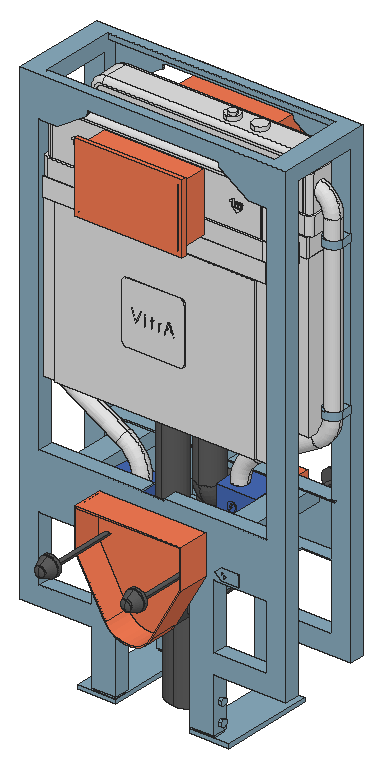
Revit family "ConcealedCistern-ForWallHungWCPans-8cm-InsideInPlasterboardWall-FloorMounting-AppliedBacktoBack-VitrA-768-5850", category Plumbing Fixtures, host Face, Revit 2017
Family settings
  Host = Face
  Round Connector Dimension = Use Diameter
  Part Type = Normal
  OmniClass Number = 23.45.00.00
  OmniClass Title = Sanitary, Laundry, and Cleaning Equipment
  Cut with Voids When Loaded = No
  Shared = Yes
  Room Calculation Point = No
Parameters (values of type "ConcealedCistern-ForWallHungWCPans-3/6lt-8cm-InsideInPlasterboardWall-FloorMounting-AppliedBackToBack-VitrA-768-5850-01")
  Youtube = "https://www.youtube.com/user/VitrAglobal"
  Weight Net (kg) = "27.2"
  Waste Connection = yes
  Warranty Period (Year) = "10 Years"
  Voltage (V) = "220V"
  Vent Connection = no
  Uniformat II Description = ""
  Uniformat II Code = ""
  Uniclass 2015 Name = "WC cisterns"
  Uniclass 2015 Code = "Pr_40_20_93_89"
  Uniclass 2.0 Description = "Wc Cisterns"
  Uniclass 2.0 Code = "PR-35-93-90"
  Uniclass 1.4 Description = ""
  Uniclass 1.4 Code = ""
  URL = "https://www.vitra.com.tr/"
  UNSPSC Description = ""
  UNSPSC Code = ""
  Third Material = Blue
  Technical description = "https://www.vitraglobal.com/pdf/748-5850-01/"
  Tap hole Options (default) = ""
  Specification = ""
  Secondary Material = White
  Region South America = "All"
  Region Oceania = "All"
  Region North America = "All"
  Region Middle East = "All"
  Region Europe = "All"
  Region Asia = "All"
  Region Antarctica = "All"
  Region Africa = "All"
  Product url = "https://www.vitraglobal.com/flushing-solutions-flush-plates/frames-cisterns/concealed-frame-systems/concealed-cistern-for-wall-hung-wc-pans-sku-748-5850-01/"
  Product manual = ""
  Product group = "Concealed Cistern for Wall-Hung WC Pans"
  Product family = "Vitra"
  Product data url = ""
  Product certification = "https://www.vitraglobal.com/brochures/"
  Product Type = "Concealed Cistern"
  Product SKU = "768-5850-01"
  Product Properties = "Concealed Cistern for Wall-Hung WC Pans Double Floor Fixation - 3/6lt - 8cm"
  Product Guid = ""
  Primary Material = Orange
  Power Source Mains = yes
  Outlet Angle = 90.00°
  OmniClass Description = "Water Closets"
  OmniClass Code = "23-31 19 19"
  Nominal Width (mm) = 570 mm
  Nominal Height (mm) = 1120 mm
  Nominal Depth (mm) = 80 mm
  NBS Referans Description = "Wc Cisterns"
  NBS Referans Code = "35-93-90"
  Mounting type = "Assembly to floor & wall"
  Model = "768-5850-01"
  Masterformat 2014 Description = ""
  Masterformat 2014 Code = ""
  Manufacturer name = "Vitra"
  Manufacturer = "Vitra"
  Installation instructions = ""
  IFC Classification = "Sanitary Terminal"
  Help = ""
  HW Connection = no
  GTIP code = ""
  Features = ""
  EAN code = ""
  Design country = "Turkey"
  Description = "VitrA Concealed Cistern for Wall-Hung WC Pans - Double Floor Fixation - 3/6Litres - 8 cm"
  Default Elevation = 1000 mm
  Color = ""
  Coating Material = Console
  Calculated flow = ""
  CW Connection = yes
  COBIe Type Category = ""
  Brand = "Vitra"
  BIMobject category = "Toilet Cisterns"
  Article No. (default) = "768-5850-01"
  Approvals = ""
  ApplicationType = ""
  Accessories (default) = ""
Reference planes
  plane 1 "Center (Front/Back)": y = 0
  plane 2: z = 0
  plane 3 "Center (Left/Right)": x = 0
  plane 4: z = 1000
  plane 5: z = 220
  plane 6: x = -285
  plane 7: x = 285
  plane 8: y = -79.884
  plane 9: y = 0.116
  plane 10: z = 1120
  plane 11: y = 20.068
  plane 12: z = 1000
  plane 13: z = 220
Forms (mm)
  Extrusion 1, solid, detail levels coarse
    sketch origin (0, 0, 0) x (1, 0, 0) y (0, 1, 0)
      loop
        line (-285, 120.02) -> (-285, -79.884) -> (285, -79.884) -> (285, 120.02) -> (-285, 120.02)
    from 0 to 1118.125
  Extrusion 2, solid, detail levels coarse
    sketch origin (0, 0, 0) x (1, 0, 0) y (0, 0, 1)
      loop
        circle (0, 220) r 65
      loop
        circle (0, 357.605) r 26.044
    from 0 to 233.75
  Extrusion 3, solid, detail levels coarse
    sketch origin (0, 0, -2.5) x (1, 0, 0) y (0, 0, 1)
      loop
        line (111.37, 1075.159) -> (-111.368, 1075.159) -> (-111.368, 932.335) -> (111.37, 932.335) -> (111.37, 1075.159)
    from 70.438 to 140.438
  Extrusion 4, solid, material "Console" <- "Coating Material", detail levels medium+fine
    sketch origin (-245, -59.884, 1117.914) x (0, 0, -1) y (0, -1, 0)
      loop
        line (-2.086, 20) -> (-2.086, 0) -> (9.914, 0) -> (9.914, 20) -> (-2.086, 20)
    from -7.791 to -482.5
  Extrusion 5, solid, material "Console" <- "Coating Material", detail levels medium+fine
    sketch origin (285, -79.884, 1116.414) x (-1, 0, 0) y (0, 0, -1)
      loop
        line (145.922, 37.886) -> (86.224, 77.726)
        arc (86.224, 77.726) -> (84.943, 78.303) -> (83.552, 78.5) r 5
        line (83.552, 78.5) -> (47.5, 78.5) -> (47.5, 8.414) -> (522.209, 8.414) -> (522.209, 78.5) -> (486.448, 78.5)
        arc (486.448, 78.5) -> (485.057, 78.303) -> (483.776, 77.726) r 5
        line (483.776, 77.726) -> (424.078, 37.886)
        arc (424.078, 37.886) -> (422.37, 36.073) -> (421.75, 33.66) r 5
        line (421.75, 33.66) -> (421.75, 29.414)
        arc (421.75, 29.414) -> (420.871, 27.293) -> (418.75, 26.414) r 3
        line (418.75, 26.414) -> (151.25, 26.414)
        arc (151.25, 26.414) -> (149.129, 27.293) -> (148.25, 29.414) r 3
        line (148.25, 29.414) -> (148.25, 33.66)
        arc (148.25, 33.66) -> (147.63, 36.073) -> (145.922, 37.886) r 5
    from 0 to -2.5
  Extrusion 6, solid, material "Console" <- "Coating Material", detail levels medium+fine
    sketch origin (245, -49.884, 1128.289) x (1, 0, 0) y (0, 0, -1)
      loop
        line (32.5, 1001) -> (-117.5, 1001) -> (-117.5, 1115.5) -> (-167.5, 1115.5) -> (-167.5, 825) -> (-117.5, 825) -> (-117.5, 961) -> (-7.5, 961) -> (-7.5, 8.289) -> (32.5, 8.289) -> (32.5, 1001)
      loop
        line (-372.5, 1001) -> (-522.5, 1001) -> (-522.5, 8.289) -> (-482.209, 8.289) -> (-482.209, 961) -> (-372.5, 961) -> (-372.5, 825) -> (-322.5, 825) -> (-322.5, 1115.5) -> (-372.5, 1115.5) -> (-372.5, 1001)
    from 0 to -30
  Extrusion 7, solid, material "Console" <- "Coating Material", detail levels medium+fine
    sketch origin (77.5, -79.884, -0.211) x (0, 0, 1) y (-1, 0, 0)
      loop
        line (0, 0) -> (0, -80) -> (8, -80) -> (8, 0) -> (0, 0)
      loop
        line (0, 235) -> (0, 155) -> (8, 155) -> (8, 235) -> (0, 235)
    from 0 to -198.778
  Extrusion 8, solid, material "Console" <- "Coating Material", detail levels medium+fine
    sketch origin (77.5, -79.884, 7.789) x (1, 0, 0) y (0, 1, 0)
      loop
        line (48.496, 27.5) -> (3.494, 27.5) -> (3.494, 2.5) -> (48.496, 2.5) -> (48.496, 27.5)
      loop
        line (-158.494, 27.5) -> (-203.496, 27.5) -> (-203.496, 2.5) -> (-158.494, 2.5) -> (-158.494, 27.5)
    from 0 to 197.625
  Extrusion 9, solid, material "Console" <- "Coating Material", detail levels medium+fine
    sketch origin (0, -47.384, 417.039) x (0, 0, 1) y (1, 0, 0)
      loop
        line (-1.25, 22.494) -> (1.25, 22.494) -> (1.25, 245) -> (-1.25, 245) -> (-1.25, 22.494)
      loop
        line (-1.25, -245) -> (1.25, -245) -> (1.25, -22.494) -> (-1.25, -22.494) -> (-1.25, -245)
    from 0 to -32.5
  Extrusion 10, solid, material "Console" <- "Coating Material", detail levels medium+fine
    sketch origin (245, -76.884, 305.789) x (0, 1, 0) y (-1, 0, 0)
      loop
        line (76.5, 170) -> (76.5, 320) -> (37, 345) -> (37, 419.5) -> (27, 419.5) -> (27, 490) -> (-0.5, 490) -> (-0.5, 0) -> (27, 0) -> (27, 70.5) -> (37, 70.5) -> (37, 145) -> (76.5, 170)
      loop
        circle (44.407, 186.048) r 15
    from 0 to -2.5
  Extrusion 11, solid, material "Console" <- "Coating Material", detail levels medium+fine
    sketch origin (285, -79.884, 1128.289) x (-1, 0, 0) y (0, 0, -1)
      loop
        line (530, 710) -> (530, 825) -> (40, 825) -> (40, 710) -> (118, 710) -> (118, 712.5) -> (158, 712.5) -> (158, 710) -> (262.506, 710) -> (262.506, 712.5) -> (307.494, 712.5) -> (307.494, 710) -> (412, 710) -> (412, 712.5) -> (452, 712.5) -> (452, 710) -> (530, 710)
    from 0 to -2.5
  Extrusion 12, solid, material "Console" <- "Coating Material", detail levels medium+fine
    sketch origin (155, -80.384, 319.789) x (1, 0, 0) y (0, 0, 1)
      loop
        line (25, -12.5) -> (25, 12.5) -> (-12, 12.5) -> (-25, 0) -> (-12, -12.5) -> (25, -12.5)
      loop
        line (-11.499, 0.1) -> (-5.9, 0.1) -> (-5.9, 5.499)
        arc (-5.9, 5.499) -> (-9.818, 3.959) -> (-11.499, 0.1) r 5.5
      loop
        line (-0.501, -0.1) -> (-6.1, -0.1) -> (-6.1, -5.499)
        arc (-6.1, -5.499) -> (-2.182, -3.959) -> (-0.501, -0.1) r 5.5
    from 0 to -2.067
  Blend 13, solid, material "Blue" <- "Third Material", detail levels medium+fine
    base sketch origin (-81.844, 5.116, 370.98) x (1, 0, 0) y (0, 0, -1)
      loop
        line (40.656, -31.187) -> (40.656, 31.187) -> (-40.656, 31.187) -> (-40.656, -31.187) -> (40.656, -31.187)
    top sketch origin (-81.844, -76.181, 370.98) x (0, 0, -1) y (1, 0, 0)
      loop
        line (-34.026, -43.495) -> (34.026, -43.495) -> (34.026, 43.495) -> (-34.026, 43.495) -> (-34.026, -43.495)
    from 0 to -1.203
  Extrusion 14, solid, material "Blue" <- "Third Material", detail levels medium+fine
    sketch origin (-72.5, 5.616, 370.789) x (-1, 0, 0) y (0, 0, 1)
      loop
        line (-0.685, 5.802) -> (-3.475, -1.366) -> (-0.731, -1.366) -> (-3.511, -7.361) -> (4.348, 1.305) -> (1.465, 1.37) -> (4.314, 5.802) -> (-0.685, 5.802)
      loop
        circle (0.206, -0.102) r 9
    from 0 to -18.98
  Extrusion 15, solid, material "Black", detail levels medium+fine
    sketch origin (0, -50.384, 297.089) x (0, 0, 1) y (1, 0, 0)
      loop
        line (42.532, 35.386) -> (20.456, 43.421) -> (6.2, 43.421) -> (6.2, -43.587) -> (20, -43.587) -> (42.532, -35.386)
        arc (42.532, -35.386) -> (53.585, -38.279) -> (65, -37.802) r 38.5
        line (65, -37.802) -> (65, -25.475)
        arc (65, -25.475) -> (31.2, 0) -> (65, 25.475) r 26.5
        line (65, 25.475) -> (65, 37.802)
        arc (65, 37.802) -> (53.585, 38.279) -> (42.532, 35.386) r 38.5
    from 3 to -8.682
  Extrusion 16, solid, material "Black", detail levels medium+fine
    sketch origin (43.502, -59.625, 305.583) x (-0.008727, 0.999962, 0) y (0, 0, 1)
      loop
        line (60.002, -30.493) -> (60.002, -2.293) -> (9.241, -2.293) -> (9.241, 11.962) -> (0.496, 11.753) -> (0.496, -36.598) -> (15.69, -36.539) -> (60.002, -30.493)
    from -1.405 to -85.712
  Extrusion 17, solid, material "Orange" <- "Primary Material", detail levels medium+fine
    sketch origin (0, -80.884, 275.563) x (0, 0, -1) y (-1, 0, 0)
      loop
        line (82.694, 48.748) -> (-28.65, 110.235) -> (-111.461, 110.235) -> (-111.461, -110.235) -> (-28.65, -110.235) -> (82.694, -48.748)
        arc (82.694, -48.748) -> (111.461, 0) -> (82.694, 48.748) r 55.687
    from 0 to -6.321
  Extrusion 18, solid, material "Orange" <- "Primary Material", detail levels medium+fine
    sketch origin (0, -144.884, 319.789) x (1, 0, 0) y (0, 0, 1)
      loop
        line (110.235, 67.235) -> (-110.235, 67.235) -> (-110.235, -15.576) -> (-48.748, -126.92)
        arc (-48.748, -126.92) -> (0, -155.687) -> (48.748, -126.92) r 55.687
        line (48.748, -126.92) -> (110.235, -15.576) -> (110.235, 67.235)
      loop
        line (-108.484, 65.484) -> (-108.484, -15.125) -> (-47.215, -126.073)
        arc (-47.215, -126.073) -> (0, -153.936) -> (47.215, -126.073) r 53.936
        line (47.215, -126.073) -> (108.484, -15.125) -> (108.484, 65.484) -> (-108.484, 65.484)
    from 0 to -57.679
  Sweep 19, solid, material "White" <- "Secondary Material", detail levels medium+fine
    path origin (5.564, -147.11, 314.043) x (1, 0, 0) y (0, 0, 1)
      loop
        line (-70.717, 73.648) -> (-70.717, 88.48)
        arc (-70.717, 88.48) -> (-80.765, 125.98) -> (-108.217, 153.432) r 75
        line (-108.217, 153.432) -> (-234.241, 226.191)
        arc (-234.241, 226.191) -> (-256.202, 248.153) -> (-264.241, 278.153) r 60
        line (-264.241, 278.153) -> (-264.241, 652.91)
        arc (-264.241, 652.91) -> (-255.876, 679.042) -> (-233.892, 695.459) r 45
        line (-233.892, 695.459) -> (-190.52, 710.393)
    profile origin (-258.677, -147.11, 779.575) x (-1, 0, 0) y (0, -1, 0)
      loop
        circle (0, -120.458) r 16
  Extrusion 20, solid, material "Orange" <- "Primary Material", detail levels medium+fine
    sketch origin (-0.502, -143.508, 1000.12) x (-1, 0, 0) y (0, 0, -1)
      loop
        line (-112.356, -73.55) -> (112.356, -73.55) -> (112.356, 71.464) -> (-112.356, 71.464) -> (-112.356, -73.55)
    from 0 to -9.7
  Extrusion 21, solid, material "Orange" <- "Primary Material", detail levels medium+fine
    sketch origin (-0.502, -143.508, 1000.12) x (-1, 0, 0) y (0, 0, -1)
      loop
        line (-103.117, -61.799) -> (103.02, -61.799) -> (103.02, 62.038) -> (-103.117, 62.038) -> (-103.117, -61.799)
    from 0 to -68.162
  Extrusion 22, solid, material "Black", detail levels medium+fine
    sketch origin (51.92, -39.187, -285.288) x (1, 0, 0) y (0, 0, 1)
      loop
        circle (-141.764, 603.413) r 4.2
      loop
        circle (38.236, 603.413) r 4.2
    from 210.918 to -119.208
  Revolve 23, solid, material "Black", detail levels medium+fine
    sketch origin (89.974, -10, 9.375) x (0, 1, 0) y (0, 0, 1)
      loop
        line (-223.489, 292.259) -> (-223.489, 313.259) -> (-255.489, 313.259)
        arc (-255.489, 313.259) -> (-254.814, 307.893) -> (-252.831, 302.861) r 21.667
        arc (-252.831, 302.861) -> (-252.43, 302.349) -> (-251.886, 301.992) r 2
        line (-251.886, 301.992) -> (-231.965, 293.176)
        arc (-231.965, 293.176) -> (-230.967, 292.836) -> (-229.924, 292.675) r 6
        line (-229.924, 292.675) -> (-223.489, 292.259)
      axis (-255.489, 313.259) -> (-223.489, 313.259)
    angle from 0 to 360
  Revolve 24, solid, material "Black", detail levels medium+fine
    sketch origin (-90.026, -10, 9.375) x (0, 1, 0) y (0, 0, 1)
      loop
        line (-223.489, 292.259) -> (-223.489, 313.259) -> (-255.489, 313.259)
        arc (-255.489, 313.259) -> (-254.814, 307.893) -> (-252.831, 302.861) r 21.667
        arc (-252.831, 302.861) -> (-252.43, 302.349) -> (-251.886, 301.992) r 2
        line (-251.886, 301.992) -> (-231.965, 293.176)
        arc (-231.965, 293.176) -> (-230.967, 292.836) -> (-229.924, 292.675) r 6
        line (-229.924, 292.675) -> (-223.489, 292.259)
      axis (-255.489, 313.259) -> (-223.489, 313.259)
    angle from 0 to 360
  Extrusion 25, solid, material "Black", detail levels medium+fine
    sketch origin (-30, -57.258, 290.503) x (1, 0, 0) y (0, 0, 1)
      loop
        line (0.072, 12.786) -> (0.072, -5.846)
        arc (0.072, -5.846) -> (-25.549, -37.091) -> (-35.991, -76.124) r 95.7
        arc (-35.991, -76.124) -> (-29.358, -83.436) -> (-22.047, -76.804) r 6.98
        arc (-22.047, -76.804) -> (26.652, -17.687) -> (82.521, -70.079) r 52.5
        arc (82.521, -70.079) -> (82.422, -73.296) -> (82.127, -76.502) r 52.5
        arc (82.127, -76.502) -> (89.278, -84.37) -> (95.991, -76.125) r 7.013
        arc (95.991, -76.125) -> (85.59, -37.173) -> (60.072, -5.96) r 95.7
        line (60.072, -5.96) -> (60.072, 12.787) -> (0.072, 12.786)
    from 0 to -14
  Sweep 26, solid, material "Black", detail levels medium+fine
    path origin (0, 890, -0.781) x (0, 1, 0) y (0, 0, 1)
      loop
        line (-965.346, 355.636) -> (-947.846, 355.636)
        arc (-947.846, 355.636) -> (-926.633, 364.422) -> (-917.846, 385.636) r 30
        line (-917.846, 385.636) -> (-917.846, 560.636)
    profile origin (0, -66.596, 354.854) x (0, 0, 1) y (1, 0, 0)
      loop
        circle (0, 0) r 28
  Extrusion 27, solid, material "Black", detail levels medium+fine
    sketch origin (0.021, -75.758, 220.424) x (1, 0, 0) y (0, 0, 1)
      loop
        circle (-0.021, -0.393) r 52.806
    from 0 to -49.874
  Sweep 28, solid, material "Black", detail levels medium+fine
    path origin (0, 20, 220) x (0, 0, -1) y (0, -1, 0)
      loop
        line (0, 67.384) -> (0, 48)
        arc (0, 48) -> (14.059, 14.059) -> (48, 0) r 48
        line (48, 0) -> (220, 0)
    profile origin (0, -37.692, 220) x (0, 0, -1) y (-1, 0, 0)
      loop
        circle (-0.045, 0) r 46
  Extrusion 29, void
    sketch origin (0, 0, 1118.125) x (1, 0, 0) y (0, 1, 0)
      loop
        line (-285, 120.02) -> (-285, -79.884) -> (285, -79.884) -> (285, 120.02) -> (-285, 120.02)
    from 0 to -1118.125
  Sweep 30, solid, material "White" <- "Secondary Material", detail levels medium+fine
    path origin (0.078, -69.617, 967.832) x (0, 0, 1) y (-1, 0, 0)
      loop
        line (0.104, 221.304) -> (75.314, 221.304)
        arc (75.314, 221.304) -> (89.456, 215.446) -> (95.314, 201.304) r 20
        line (95.314, 201.304) -> (95.314, -201.304)
        arc (95.314, -201.304) -> (89.456, -215.446) -> (75.314, -221.304) r 20
        line (75.314, -221.304) -> (0.104, -221.304)
    profile origin (221.382, -69.617, 1005.541) x (0, -1, 0) y (1, 0, 0)
      loop
        arc (-58.41, 10.038) -> (-65.508, 7.098) -> (-68.448, 0) r 10.038
        line (-68.448, 0) -> (-68.448, -5) -> (-0.155, -5) -> (-0.155, 0)
        arc (-0.155, 0) -> (-3.095, 7.098) -> (-10.194, 10.038) r 10.038
        line (-10.194, 10.038) -> (-58.41, 10.038)
  Extrusion 31, solid, material "White" <- "Secondary Material", detail levels medium+fine
    sketch origin (0.078, -69.617, 967.832) x (0, 0, 1) y (-1, 0, 0)
      loop
        arc (90.314, 201.304) -> (85.921, 211.911) -> (75.314, 216.304) r 15
        line (75.314, 216.304) -> (0.104, 216.304) -> (0.104, -216.304) -> (75.314, -216.304)
        arc (75.314, -216.304) -> (85.921, -211.911) -> (90.314, -201.304) r 15
        line (90.314, -201.304) -> (90.314, 201.304)
    from 0 to -68.604
  Extrusion 32, solid, material "White" <- "Secondary Material", detail levels medium+fine
    sketch origin (-0.082, -34.765, 967.936) x (-1, 0, 0) y (0, -1, 0)
      loop
        line (224.386, 39.814) -> (-224.386, 39.814)
        arc (-224.386, 39.814) -> (-232.871, 36.3) -> (-236.386, 27.814) r 12
        line (-236.386, 27.814) -> (-236.386, -27.814)
        arc (-236.386, -27.814) -> (-232.871, -36.3) -> (-224.386, -39.814) r 12
        line (-224.386, -39.814) -> (224.386, -39.814)
        arc (224.386, -39.814) -> (232.871, -36.3) -> (236.386, -27.814) r 12
        line (236.386, -27.814) -> (236.386, 27.814)
        arc (236.386, 27.814) -> (232.871, 36.3) -> (224.386, 39.814) r 12
    from 0 to -37.788
  Extrusion 33, solid, material "White" <- "Secondary Material", detail levels medium+fine
    sketch origin (0.744, -34.162, 929.933) x (-1, 0, 0) y (0, -0.999986, 0.005236)
      loop
        line (231.958, 42.964) -> (-231.958, 42.964) -> (-231.958, 39.374) -> (-231.958, -38.519) -> (-231.958, -42.964) -> (231.958, -42.964) -> (231.958, -38.519) -> (231.958, 39.374) -> (231.958, 42.964)
    from 1.73 to -37.465
  Extrusion 34, solid, material "White" <- "Secondary Material", detail levels medium+fine
    sketch origin (-43.272, -34.067, 1080.436) x (0, 1, 0) y (-1, 0, 0)
      loop
        circle (-0.783, 56.644) r 15
      loop
        circle (0.254, 0.122) r 15
    from 0 to -7.29
  Extrusion 35, solid, material "White" <- "Secondary Material", detail levels medium+fine
    sketch origin (0.126, -34.514, 556.25) x (1, 0, 0) y (0, -1, 0)
      loop
        line (233.35, -38.805) -> (233.35, 40.575) -> (209.689, 40.575) -> (209.689, 42.637) -> (-207.849, 42.637) -> (-207.849, 39.088) -> (-233.35, 39.088) -> (-233.35, -38.805) -> (-207.849, -38.805) -> (-207.849, -42.405) -> (209.689, -42.405) -> (209.689, -38.805) -> (233.35, -38.805)
    from 0 to -335.272
  Extrusion 36, solid, material "White" <- "Secondary Material", detail levels medium+fine
    sketch origin (-43.272, -33.676, 1084.875) x (-1, 0, 0) y (0, -1, 0)
      loop
        circle (0.408, -0.319) r 8.702
    from 0 to -10.022
  Extrusion 37, solid, material "White" <- "Secondary Material", detail levels medium+fine
    sketch origin (-207.802, -78.367, 613.109) x (1, 0, 0) y (0, 0, 1)
      loop
        line (272.802, 71.7) -> (272.802, 181.7)
        arc (272.802, 181.7) -> (269.873, 188.771) -> (262.802, 191.7) r 10
        line (262.802, 191.7) -> (152.802, 191.7)
        arc (152.802, 191.7) -> (145.731, 188.771) -> (142.802, 181.7) r 10
        line (142.802, 181.7) -> (142.802, 71.7)
        arc (142.802, 71.7) -> (145.731, 64.629) -> (152.802, 61.7) r 10
        line (152.802, 61.7) -> (262.802, 61.7)
        arc (262.802, 61.7) -> (269.873, 64.629) -> (272.802, 71.7) r 10
      loop
        spline (193.105, 129.771) -> (192.875, 129.922) -> (192.629, 130.046) -> (192.37, 130.139) -> (192.102, 130.201) -> (191.83, 130.235) -> (191.556, 130.246) -> (191.281, 130.237) -> (191.009, 130.203) -> (190.741, 130.141) -> (190.483, 130.047) -> (190.236, 129.924) -> (190.004, 129.777)
        line (190.004, 129.777) -> (190.09, 128.063) -> (190.632, 114.309)
        spline (190.632, 114.309) -> (190.76, 114.191) -> (190.902, 114.089) -> (191.053, 114.002) -> (191.214, 113.935) -> (191.385, 113.892) -> (191.56, 113.875) -> (191.735, 113.886) -> (191.905, 113.926) -> (192.068, 113.993) -> (192.22, 114.083) -> (192.362, 114.19) -> (192.491, 114.309)
        line (192.491, 114.309) -> (193.035, 128.063) -> (193.105, 129.771)
      loop
        spline (207.158, 130.937) -> (207.139, 131.436) -> (207.129, 131.935) -> (207.126, 132.434) -> (207.128, 132.933) -> (207.133, 133.433) -> (207.14, 133.932) -> (207.146, 134.432) -> (207.15, 134.931) -> (207.152, 135.43) -> (207.155, 135.929) -> (207.158, 136.429) -> (207.161, 136.928)
        spline (207.161, 136.928) -> (206.941, 137.074) -> (206.711, 137.204) -> (206.467, 137.306) -> (206.212, 137.374) -> (205.95, 137.409) -> (205.686, 137.419) -> (205.422, 137.41) -> (205.16, 137.377) -> (204.903, 137.315) -> (204.657, 137.218) -> (204.424, 137.093) -> (204.201, 136.952)
        line (204.201, 136.952) -> (204.318, 129.918)
        spline (204.318, 129.918) -> (204.189, 129.861) -> (204.067, 129.788) -> (203.955, 129.699) -> (203.853, 129.597) -> (203.765, 129.483) -> (203.693, 129.358) -> (203.639, 129.225) -> (203.602, 129.086) -> (203.583, 128.943) -> (203.582, 128.8) -> (203.598, 128.658) -> (203.632, 128.522)
        spline (203.632, 128.522) -> (203.731, 128.257) -> (203.826, 127.991) -> (203.916, 127.723) -> (204.001, 127.453) -> (204.079, 127.181) -> (204.151, 126.907) -> (204.216, 126.631) -> (204.274, 126.353) -> (204.324, 126.074) -> (204.366, 125.794) -> (204.4, 125.513) -> (204.425, 125.232)
        line (204.425, 125.232) -> (204.785, 114.238)
        spline (204.785, 114.238) -> (204.907, 114.126) -> (205.043, 114.028) -> (205.187, 113.945) -> (205.342, 113.881) -> (205.505, 113.84) -> (205.672, 113.823) -> (205.84, 113.834) -> (206.003, 113.872) -> (206.158, 113.937) -> (206.304, 114.022) -> (206.439, 114.124) -> (206.563, 114.238)
        line (206.563, 114.238) -> (207.005, 123.269)
        spline (207.005, 123.269) -> (207.033, 123.562) -> (207.066, 123.854) -> (207.105, 124.146) -> (207.149, 124.438) -> (207.2, 124.73) -> (207.258, 125.02) -> (207.324, 125.309) -> (207.398, 125.595) -> (207.483, 125.877) -> (207.578, 126.156) -> (207.684, 126.431) -> (207.802, 126.7)
        spline (207.802, 126.7) -> (208.011, 127.108) -> (208.245, 127.505) -> (208.503, 127.888) -> (208.783, 128.256) -> (209.085, 128.606) -> (209.407, 128.937) -> (209.747, 129.248) -> (210.104, 129.535) -> (210.473, 129.805) -> (210.849, 130.066) -> (211.227, 130.325) -> (211.6, 130.589)
        spline (211.6, 130.589) -> (211.777, 130.756) -> (211.912, 130.962) -> (211.997, 131.194) -> (212.027, 131.437) -> (212, 131.68) -> (211.918, 131.912) -> (211.785, 132.122) -> (211.606, 132.29) -> (211.39, 132.399) -> (211.148, 132.44) -> (210.899, 132.421) -> (210.663, 132.352)
        line (210.663, 132.352) -> (207.158, 130.937)
      loop
        spline (220.823, 130.116) -> (220.578, 129.993) -> (220.343, 129.85) -> (220.124, 129.685) -> (219.926, 129.497) -> (219.752, 129.285) -> (219.605, 129.055) -> (219.485, 128.809) -> (219.396, 128.55) -> (219.344, 128.282) -> (219.32, 128.01) -> (219.316, 127.736) -> (219.321, 127.462)
        line (219.321, 127.462) -> (219.691, 114.31)
        spline (219.691, 114.31) -> (219.818, 114.192) -> (219.96, 114.089) -> (220.111, 114.002) -> (220.272, 113.935) -> (220.443, 113.892) -> (220.619, 113.876) -> (220.794, 113.887) -> (220.964, 113.928) -> (221.126, 113.996) -> (221.278, 114.086) -> (221.42, 114.194) -> (221.549, 114.313)
        line (221.549, 114.313) -> (221.874, 123.875)
        spline (221.874, 123.875) -> (221.895, 124.125) -> (221.923, 124.374) -> (221.957, 124.623) -> (221.998, 124.871) -> (222.045, 125.119) -> (222.098, 125.365) -> (222.158, 125.609) -> (222.225, 125.852) -> (222.299, 126.092) -> (222.381, 126.33) -> (222.47, 126.565) -> (222.567, 126.796)
        spline (222.567, 126.796) -> (222.749, 127.169) -> (222.951, 127.535) -> (223.174, 127.89) -> (223.418, 128.231) -> (223.682, 128.556) -> (223.965, 128.861) -> (224.269, 129.144) -> (224.592, 129.402) -> (224.93, 129.64) -> (225.277, 129.865) -> (225.627, 130.087) -> (225.972, 130.316)
        spline (225.972, 130.316) -> (226.134, 130.455) -> (226.266, 130.627) -> (226.353, 130.822) -> (226.381, 131.031) -> (226.351, 131.242) -> (226.272, 131.443) -> (226.153, 131.622) -> (226.001, 131.77) -> (225.818, 131.879) -> (225.612, 131.941) -> (225.396, 131.95) -> (225.19, 131.901)
        line (225.19, 131.901) -> (220.823, 130.116)
      loop
        spline (239.475, 125.53) -> (239.288, 125.481) -> (239.117, 125.381) -> (238.977, 125.24) -> (238.879, 125.071) -> (238.827, 124.882) -> (238.823, 124.686) -> (238.869, 124.493) -> (238.962, 124.321) -> (239.099, 124.185) -> (239.269, 124.089) -> (239.459, 124.028) -> (239.654, 124)
        line (239.654, 124) -> (245.591, 123.657)
        spline (245.591, 123.657) -> (245.768, 123.636) -> (245.945, 123.604) -> (246.12, 123.559) -> (246.289, 123.499) -> (246.45, 123.424) -> (246.601, 123.331) -> (246.738, 123.219) -> (246.862, 123.09) -> (246.972, 122.948) -> (247.069, 122.795) -> (247.152, 122.635) -> (247.221, 122.471)
        spline (247.221, 122.471) -> (247.502, 121.747) -> (247.782, 121.023) -> (248.063, 120.298) -> (248.342, 119.574) -> (248.62, 118.849) -> (248.896, 118.123) -> (249.17, 117.396) -> (249.441, 116.668) -> (249.707, 115.939) -> (249.97, 115.208) -> (250.227, 114.475) -> (250.479, 113.741)
        spline (250.479, 113.741) -> (250.52, 113.684) -> (250.578, 113.641) -> (250.646, 113.609) -> (250.722, 113.584) -> (250.798, 113.562) -> (250.873, 113.542) -> (250.947, 113.524) -> (251.019, 113.511) -> (251.091, 113.502) -> (251.162, 113.499) -> (251.233, 113.504) -> (251.303, 113.518)
        spline (251.303, 113.518) -> (251.366, 113.539) -> (251.425, 113.568) -> (251.48, 113.605) -> (251.532, 113.648) -> (251.581, 113.697) -> (251.629, 113.749) -> (251.675, 113.804) -> (251.721, 113.86) -> (251.764, 113.917) -> (251.8, 113.976) -> (251.825, 114.037) -> (251.835, 114.102)
        spline (251.835, 114.102) -> (251.277, 116.1) -> (250.658, 118.08) -> (250.018, 120.054) -> (249.375, 122.027) -> (248.73, 123.998) -> (248.08, 125.967) -> (247.421, 127.934) -> (246.755, 129.898) -> (246.083, 131.861) -> (245.401, 133.82) -> (244.701, 135.772) -> (243.959, 137.71)
        spline (243.959, 137.71) -> (243.709, 138.129) -> (243.382, 138.498) -> (242.993, 138.798) -> (242.553, 139.015) -> (242.081, 139.145) -> (241.592, 139.187) -> (241.104, 139.142) -> (240.632, 139.009) -> (240.193, 138.792) -> (239.802, 138.492) -> (239.473, 138.126) -> (239.218, 137.711)
        spline (239.218, 137.711) -> (238.472, 135.773) -> (237.775, 133.818) -> (237.096, 131.856) -> (236.428, 129.889) -> (235.765, 127.922) -> (235.106, 125.953) -> (234.451, 123.983) -> (233.801, 122.011) -> (233.152, 120.039) -> (232.506, 118.066) -> (231.866, 116.09) -> (231.246, 114.109)
        spline (231.246, 114.109) -> (231.256, 114.045) -> (231.282, 113.984) -> (231.32, 113.927) -> (231.365, 113.872) -> (231.411, 113.817) -> (231.458, 113.763) -> (231.505, 113.711) -> (231.553, 113.662) -> (231.604, 113.619) -> (231.657, 113.581) -> (231.715, 113.551) -> (231.777, 113.529)
        spline (231.777, 113.529) -> (231.852, 113.514) -> (231.929, 113.505) -> (232.006, 113.503) -> (232.083, 113.509) -> (232.16, 113.522) -> (232.236, 113.541) -> (232.311, 113.565) -> (232.384, 113.595) -> (232.456, 113.629) -> (232.525, 113.667) -> (232.592, 113.708) -> (232.656, 113.752)
        spline (232.656, 113.752) -> (233.246, 115.47) -> (233.855, 117.182) -> (234.48, 118.888) -> (235.12, 120.588) -> (235.772, 122.285) -> (236.434, 123.977) -> (237.104, 125.666) -> (237.784, 127.351) -> (238.472, 129.033) -> (239.171, 130.71) -> (239.88, 132.382) -> (240.601, 134.05)
        spline (240.601, 134.05) -> (240.717, 134.262) -> (240.858, 134.478) -> (241.02, 134.679) -> (241.197, 134.846) -> (241.385, 134.96) -> (241.579, 135.001) -> (241.772, 134.958) -> (241.96, 134.844) -> (242.139, 134.677) -> (242.302, 134.477) -> (242.445, 134.261) -> (242.562, 134.05)
        line (242.562, 134.05) -> (245.499, 127.026)
        spline (245.499, 127.026) -> (245.534, 126.918) -> (245.569, 126.809) -> (245.603, 126.7) -> (245.636, 126.589) -> (245.668, 126.476) -> (245.686, 126.361) -> (245.677, 126.248) -> (245.63, 126.14) -> (245.551, 126.056) -> (245.449, 126.008) -> (245.333, 125.986) -> (245.215, 125.977)
        line (245.215, 125.977) -> (239.475, 125.53)
      loop
        circle (191.559, 134.895) r 1.5
      loop
        line (182.116, 138.752) -> (174.347, 118.843)
        arc (174.347, 118.843) -> (173.288, 118.119) -> (172.228, 118.843) r 1.137
        line (172.228, 118.843) -> (164.46, 138.752)
        arc (164.46, 138.752) -> (163.536, 139.183) -> (163.062, 138.28) r 0.739
        line (163.062, 138.28) -> (170.777, 115.402)
        arc (170.777, 115.402) -> (173.288, 113.6) -> (175.798, 115.402) r 2.649
        line (175.798, 115.402) -> (183.514, 138.28)
        arc (183.514, 138.28) -> (183.04, 139.183) -> (182.116, 138.752) r 0.739
    from -3.684 to 1.041
  Extrusion 38, solid, material "White" <- "Secondary Material", detail levels medium+fine
    sketch origin (-0.625, -71.492, -4.493) x (1, 0, 0) y (0, 0, 1)
      loop
        line (160.157, 1028.393) -> (159.049, 1028.393)
        spline (159.049, 1028.393) -> (158.969, 1028.24) -> (158.88, 1028.087) -> (158.782, 1027.933) -> (158.676, 1027.778) -> (158.562, 1027.623) -> (158.439, 1027.468) -> (158.308, 1027.312) -> (158.168, 1027.155) -> (158.019, 1026.998) -> (157.862, 1026.839) -> (157.696, 1026.681) -> (157.521, 1026.521)
        spline (157.521, 1026.521) -> (157.338, 1026.361) -> (157.149, 1026.205) -> (156.955, 1026.054) -> (156.757, 1025.906) -> (156.554, 1025.763) -> (156.347, 1025.625) -> (156.134, 1025.49) -> (155.917, 1025.36) -> (155.695, 1025.233) -> (155.468, 1025.111) -> (155.236, 1024.993) -> (155, 1024.879)
        line (155, 1024.879) -> (155, 1023.217)
        spline (155, 1023.217) -> (155.135, 1023.267) -> (155.273, 1023.321) -> (155.414, 1023.38) -> (155.557, 1023.443) -> (155.703, 1023.51) -> (155.853, 1023.582) -> (156.005, 1023.658) -> (156.159, 1023.738) -> (156.317, 1023.822) -> (156.477, 1023.911) -> (156.641, 1024.004) -> (156.807, 1024.102)
        spline (156.807, 1024.102) -> (156.971, 1024.2) -> (157.13, 1024.299) -> (157.284, 1024.397) -> (157.433, 1024.496) -> (157.576, 1024.595) -> (157.715, 1024.693) -> (157.848, 1024.792) -> (157.976, 1024.891) -> (158.1, 1024.99) -> (158.217, 1025.089) -> (158.33, 1025.189) -> (158.438, 1025.289)
        line (158.438, 1025.289) -> (158.438, 1014.336) -> (160.157, 1014.336) -> (160.157, 1028.393)
      loop
        line (159.806, 1012.565) -> (168.75, 1005.41) -> (177.694, 1012.565) -> (159.806, 1012.565)
    from 0 to -5
  Extrusion 39, solid, material "White" <- "Secondary Material", detail levels medium+fine
    sketch origin (-0.625, 178.508, -4.493) x (1, 0, 0) y (0, 0, 1)
      loop
        arc (172.782, 1021.074) -> (175.115, 1023.225) -> (177.07, 1020.724) r 2.158
        line (177.07, 1020.724) -> (177.07, 1014.336) -> (178.779, 1014.336) -> (178.779, 1021.19)
        arc (178.779, 1021.19) -> (178.77, 1022.149) -> (178.456, 1023.055) r 2.96
        arc (178.456, 1023.055) -> (175.447, 1024.845) -> (172.438, 1023.055) r 3.423
        arc (172.438, 1023.055) -> (169.506, 1024.733) -> (166.574, 1023.055) r 3.4
        line (166.574, 1023.055) -> (166.574, 1024.478) -> (165.037, 1024.478) -> (165.037, 1014.336) -> (166.756, 1014.336) -> (166.756, 1021.058)
        arc (166.756, 1021.058) -> (168.978, 1023.212) -> (171.063, 1020.925) r 2.156
        line (171.063, 1020.925) -> (171.063, 1014.336) -> (172.782, 1014.336) -> (172.782, 1021.074)
    from 247.805 to 250
  Extrusion 40, solid, material "Console" <- "Coating Material", detail levels medium+fine
    sketch origin (-258.363, -39.192, 928.594) x (1, 0, 0) y (0, 1, 0)
      loop
        line (-19.392, -10.698) -> (19.392, -10.698) -> (19.392, 12.12)
        arc (19.392, 12.12) -> (0, 31.512) -> (-19.392, 12.12) r 19.392
        line (-19.392, 12.12) -> (-19.392, -10.698)
      loop
        circle (0, 12.12) r 16.482
    from 0 to -14.948
  Extrusion 41, solid, material "Console" <- "Coating Material", detail levels medium+fine
    sketch origin (-258.363, -39.223, 608.127) x (1, 0, 0) y (0, 1, 0)
      loop
        line (-19.392, -10.698) -> (19.392, -10.698) -> (19.392, 12.12)
        arc (19.392, 12.12) -> (0, 31.512) -> (-19.392, 12.12) r 19.392
        line (-19.392, 12.12) -> (-19.392, -10.698)
      loop
        circle (0, 12.12) r 16.482
    from 0 to -14.948
  Extrusion 42, solid, material "Console" <- "Coating Material", detail levels medium+fine
    sketch origin (-245, 100.02, 1117.914) x (0, 0, -1) y (0, -1, 0)
      loop
        line (-2.086, -20) -> (9.914, -20) -> (9.914, 0) -> (-2.086, 0) -> (-2.086, -20)
    from -7.791 to -482.5
  Extrusion 43, solid, material "Console" <- "Coating Material", detail levels medium+fine
    sketch origin (285, 120.02, 1116.414) x (-1, 0, 0) y (0, 0, 1)
      loop
        arc (145.922, -37.886) -> (147.63, -36.073) -> (148.25, -33.66) r 5
        line (148.25, -33.66) -> (148.25, -29.414)
        arc (148.25, -29.414) -> (149.129, -27.293) -> (151.25, -26.414) r 3
        line (151.25, -26.414) -> (418.75, -26.414)
        arc (418.75, -26.414) -> (420.871, -27.293) -> (421.75, -29.414) r 3
        line (421.75, -29.414) -> (421.75, -33.66)
        arc (421.75, -33.66) -> (422.37, -36.073) -> (424.078, -37.886) r 5
        line (424.078, -37.886) -> (483.776, -77.726)
        arc (483.776, -77.726) -> (485.057, -78.303) -> (486.448, -78.5) r 5
        line (486.448, -78.5) -> (522.209, -78.5) -> (522.209, -8.414) -> (47.5, -8.414) -> (47.5, -78.5) -> (83.552, -78.5)
        arc (83.552, -78.5) -> (84.943, -78.303) -> (86.224, -77.726) r 5
        line (86.224, -77.726) -> (145.922, -37.886)
    from 0 to -2.5
  Extrusion 44, solid, material "Console" <- "Coating Material", detail levels medium+fine
    sketch origin (245, 90.02, 1128.289) x (1, 0, 0) y (0, 0, 1)
      loop
        line (32.5, -1001) -> (32.5, -8.289) -> (-7.5, -8.289) -> (-7.5, -961) -> (-117.5, -961) -> (-117.5, -825) -> (-167.5, -825) -> (-167.5, -1115.5) -> (-117.5, -1115.5) -> (-117.5, -1001) -> (32.5, -1001)
      loop
        line (-372.5, -1001) -> (-372.5, -1115.5) -> (-322.5, -1115.5) -> (-322.5, -825) -> (-372.5, -825) -> (-372.5, -961) -> (-482.209, -961) -> (-482.209, -8.289) -> (-522.5, -8.289) -> (-522.5, -1001) -> (-372.5, -1001)
    from 0 to -30
  Extrusion 45, solid, material "Console" <- "Coating Material", detail levels medium+fine
    sketch origin (77.5, 120.02, 7.789) x (1, 0, 0) y (0, 1, 0)
      loop
        line (48.496, -27.5) -> (48.496, -2.5) -> (3.494, -2.5) -> (3.494, -27.5) -> (48.496, -27.5)
      loop
        line (-158.494, -27.5) -> (-158.494, -2.5) -> (-203.496, -2.5) -> (-203.496, -27.5) -> (-158.494, -27.5)
    from 0 to 197.625
  Extrusion 46, solid, material "Console" <- "Coating Material", detail levels medium+fine
    sketch origin (0, 87.52, 417.039) x (0, 0, 1) y (-1, 0, 0)
      loop
        line (-1.25, -22.494) -> (-1.25, -245) -> (1.25, -245) -> (1.25, -22.494) -> (-1.25, -22.494)
      loop
        line (-1.25, 245) -> (-1.25, 22.494) -> (1.25, 22.494) -> (1.25, 245) -> (-1.25, 245)
    from 0 to -32.5
  Extrusion 47, solid, material "Console" <- "Coating Material", detail levels medium+fine
    sketch origin (285, 120.02, 1128.289) x (-1, 0, 0) y (0, 0, 1)
      loop
        line (530, -710) -> (452, -710) -> (452, -712.5) -> (412, -712.5) -> (412, -710) -> (307.494, -710) -> (307.494, -712.5) -> (262.506, -712.5) -> (262.506, -710) -> (158, -710) -> (158, -712.5) -> (118, -712.5) -> (118, -710) -> (40, -710) -> (40, -825) -> (530, -825) -> (530, -710)
    from 0 to -2.5
  Extrusion 48, solid, material "Console" <- "Coating Material", detail levels medium+fine
    sketch origin (155, 120.52, 319.789) x (1, 0, 0) y (0, 0, -1)
      loop
        line (25, 12.5) -> (-12, 12.5) -> (-25, 0) -> (-12, -12.5) -> (25, -12.5) -> (25, 12.5)
      loop
        arc (-11.499, -0.1) -> (-9.818, -3.959) -> (-5.9, -5.499) r 5.5
        line (-5.9, -5.499) -> (-5.9, -0.1) -> (-11.499, -0.1)
      loop
        arc (-0.501, 0.1) -> (-2.182, 3.959) -> (-6.1, 5.499) r 5.5
        line (-6.1, 5.499) -> (-6.1, 0.1) -> (-0.501, 0.1)
    from 0 to -2.067
  Extrusion 49, solid, material "Black", detail levels medium+fine
    sketch origin (0, 90.52, 297.089) x (0, 0, 1) y (-1, 0, 0)
      loop
        arc (42.532, -35.386) -> (53.585, -38.279) -> (65, -37.802) r 38.5
        line (65, -37.802) -> (65, -25.475)
        arc (65, -25.475) -> (31.2, 0) -> (65, 25.475) r 26.5
        line (65, 25.475) -> (65, 37.802)
        arc (65, 37.802) -> (53.585, 38.279) -> (42.532, 35.386) r 38.5
        line (42.532, 35.386) -> (20, 43.587) -> (6.2, 43.587) -> (6.2, -43.421) -> (20.456, -43.421) -> (42.532, -35.386)
    from 3 to -8.682
  Extrusion 50, solid, material "Black", detail levels medium+fine
    sketch origin (43.502, 99.761, 305.583) x (-0.008727, -0.999962, 0) y (0, 0, -1)
      loop
        line (60.002, 30.493) -> (15.69, 36.539) -> (0.496, 36.598) -> (0.496, -11.753) -> (9.241, -11.962) -> (9.241, 2.293) -> (60.002, 2.293) -> (60.002, 30.493)
    from -1.405 to -85.712
  Extrusion 51, solid, material "Orange" <- "Primary Material", detail levels medium+fine
    sketch origin (0, 121.02, 275.563) x (0, 0, -1) y (1, 0, 0)
      loop
        arc (82.694, -48.748) -> (111.461, 0) -> (82.694, 48.748) r 55.687
        line (82.694, 48.748) -> (-28.65, 110.235) -> (-111.461, 110.235) -> (-111.461, -110.235) -> (-28.65, -110.235) -> (82.694, -48.748)
    from 0 to -6.321
  Extrusion 52, solid, material "Orange" <- "Primary Material", detail levels medium+fine
    sketch origin (0, 185.02, 319.789) x (1, 0, 0) y (0, 0, -1)
      loop
        line (110.235, -67.235) -> (110.235, 15.576) -> (48.748, 126.92)
        arc (48.748, 126.92) -> (0, 155.687) -> (-48.748, 126.92) r 55.687
        line (-48.748, 126.92) -> (-110.235, 15.576) -> (-110.235, -67.235) -> (110.235, -67.235)
      loop
        line (-108.484, -65.484) -> (108.484, -65.484) -> (108.484, 15.125) -> (47.215, 126.073)
        arc (47.215, 126.073) -> (0, 153.936) -> (-47.215, 126.073) r 53.936
        line (-47.215, 126.073) -> (-108.484, 15.125) -> (-108.484, -65.484)
    from 0 to -57.679
  Extrusion 53, solid, material "Orange" <- "Primary Material", detail levels medium+fine
    sketch origin (-0.502, 183.644, 1000.12) x (-1, 0, 0) y (0, 0, 1)
      loop
        line (-112.356, 73.55) -> (-112.356, -71.464) -> (112.356, -71.464) -> (112.356, 73.55) -> (-112.356, 73.55)
    from 0 to -9.7
  Extrusion 54, solid, material "Orange" <- "Primary Material", detail levels medium+fine
    sketch origin (-0.502, 183.644, 1000.12) x (-1, 0, 0) y (0, 0, 1)
      loop
        line (-103.117, 61.799) -> (-103.117, -62.038) -> (103.02, -62.038) -> (103.02, 61.799) -> (-103.117, 61.799)
    from 0 to -68.162
  Extrusion 55, solid, material "Black", detail levels medium+fine
    sketch origin (51.92, 79.323, -285.288) x (1, 0, 0) y (0, 0, -1)
      loop
        circle (-141.764, -603.413) r 4.2
      loop
        circle (38.236, -603.413) r 4.2
    from 210.918 to 0.697
  Revolve 56, solid, material "Black", detail levels medium+fine
    sketch origin (89.974, 50.136, 9.375) x (0, -1, 0) y (0, 0, -1)
      loop
        line (-223.489, -292.259) -> (-229.924, -292.675)
        arc (-229.924, -292.675) -> (-230.967, -292.836) -> (-231.965, -293.176) r 6
        line (-231.965, -293.176) -> (-251.886, -301.992)
        arc (-251.886, -301.992) -> (-252.43, -302.349) -> (-252.831, -302.861) r 2
        arc (-252.831, -302.861) -> (-254.814, -307.893) -> (-255.489, -313.259) r 21.667
        line (-255.489, -313.259) -> (-223.489, -313.259) -> (-223.489, -292.259)
      axis (-255.489, -313.259) -> (-223.489, -313.259)
    angle from 0 to 360
  Revolve 57, solid, material "Black", detail levels medium+fine
    sketch origin (-90.026, 50.136, 9.375) x (0, -1, 0) y (0, 0, -1)
      loop
        line (-223.489, -292.259) -> (-229.924, -292.675)
        arc (-229.924, -292.675) -> (-230.967, -292.836) -> (-231.965, -293.176) r 6
        line (-231.965, -293.176) -> (-251.886, -301.992)
        arc (-251.886, -301.992) -> (-252.43, -302.349) -> (-252.831, -302.861) r 2
        arc (-252.831, -302.861) -> (-254.814, -307.893) -> (-255.489, -313.259) r 21.667
        line (-255.489, -313.259) -> (-223.489, -313.259) -> (-223.489, -292.259)
      axis (-255.489, -313.259) -> (-223.489, -313.259)
    angle from 0 to 360
  Extrusion 58, solid, material "Black", detail levels medium+fine
    sketch origin (-30, 97.394, 290.503) x (1, 0, 0) y (0, 0, -1)
      loop
        line (0.072, -12.786) -> (60.072, -12.787) -> (60.072, 5.96)
        arc (60.072, 5.96) -> (85.59, 37.173) -> (95.991, 76.125) r 95.7
        arc (95.991, 76.125) -> (89.278, 84.37) -> (82.127, 76.502) r 7.013
        arc (82.127, 76.502) -> (82.422, 73.296) -> (82.521, 70.079) r 52.5
        arc (82.521, 70.079) -> (26.652, 17.687) -> (-22.047, 76.804) r 52.5
        arc (-22.047, 76.804) -> (-29.358, 83.436) -> (-35.991, 76.124) r 6.98
        arc (-35.991, 76.124) -> (-25.549, 37.091) -> (0.072, 5.846) r 95.7
        line (0.072, 5.846) -> (0.072, -12.786)
    from 0 to -14
  Sweep 59, solid, material "Black", detail levels medium+fine
    path origin (0, -849.864, -0.781) x (0, -1, 0) y (0, 0, -1)
      loop
        line (-965.346, -355.636) -> (-947.846, -355.636)
        arc (-947.846, -355.636) -> (-926.633, -364.422) -> (-917.846, -385.636) r 30
        line (-917.846, -385.636) -> (-917.846, -560.636)
    profile origin (0, 106.732, 354.854) x (0, 0, -1) y (1, 0, 0)
      loop
        circle (0, 0) r 28
  Extrusion 60, solid, material "Black", detail levels medium+fine
    sketch origin (0.021, 115.894, 220.424) x (1, 0, 0) y (0, 0, -1)
      loop
        circle (-0.021, 0.393) r 52.806
    from 0 to -49.874
  Sweep 61, solid, material "Black", detail levels medium+fine
    path origin (0, 20.136, 220) x (0, 0, -1) y (0, 1, 0)
      loop
        line (0, 67.384) -> (0, 48)
        arc (0, 48) -> (14.059, 14.059) -> (48, 0) r 48
        line (48, 0) -> (220, 0)
    profile origin (0, 77.828, 220) x (0, 0, -1) y (1, 0, 0)
      loop
        circle (-0.045, 0) r 46
  Sweep 62, solid, material "White" <- "Secondary Material", detail levels medium+fine
    path origin (0.078, 109.753, 967.832) x (0, 0, 1) y (1, 0, 0)
      loop
        line (0.104, -221.304) -> (75.314, -221.304)
        arc (75.314, -221.304) -> (89.456, -215.446) -> (95.314, -201.304) r 20
        line (95.314, -201.304) -> (95.314, 201.304)
        arc (95.314, 201.304) -> (89.456, 215.446) -> (75.314, 221.304) r 20
        line (75.314, 221.304) -> (0.104, 221.304)
    profile origin (221.382, 109.753, 1005.541) x (0, 1, 0) y (-1, 0, 0)
      loop
        line (-58.41, -10.038) -> (-10.194, -10.038)
        arc (-10.194, -10.038) -> (-3.095, -7.098) -> (-0.155, 0) r 10.038
        line (-0.155, 0) -> (-0.155, 5) -> (-68.448, 5) -> (-68.448, 0)
        arc (-68.448, 0) -> (-65.508, -7.098) -> (-58.41, -10.038) r 10.038
  Extrusion 63, solid, material "White" <- "Secondary Material", detail levels medium+fine
    sketch origin (0.078, 109.753, 967.832) x (0, 0, 1) y (1, 0, 0)
      loop
        line (90.314, -201.304) -> (90.314, 201.304)
        arc (90.314, 201.304) -> (85.921, 211.911) -> (75.314, 216.304) r 15
        line (75.314, 216.304) -> (0.104, 216.304) -> (0.104, -216.304) -> (75.314, -216.304)
        arc (75.314, -216.304) -> (85.921, -211.911) -> (90.314, -201.304) r 15
    from 0 to -68.604
  Extrusion 64, solid, material "White" <- "Secondary Material", detail levels medium+fine
    sketch origin (-0.082, 74.901, 967.936) x (-1, 0, 0) y (0, -1, 0)
      loop
        arc (224.386, -39.814) -> (232.871, -36.3) -> (236.386, -27.814) r 12
        line (236.386, -27.814) -> (236.386, 27.814)
        arc (236.386, 27.814) -> (232.871, 36.3) -> (224.386, 39.814) r 12
        line (224.386, 39.814) -> (-224.386, 39.814)
        arc (-224.386, 39.814) -> (-232.871, 36.3) -> (-236.386, 27.814) r 12
        line (-236.386, 27.814) -> (-236.386, -27.814)
        arc (-236.386, -27.814) -> (-232.871, -36.3) -> (-224.386, -39.814) r 12
        line (-224.386, -39.814) -> (224.386, -39.814)
    from 0 to -37.788
  Extrusion 65, solid, material "White" <- "Secondary Material", detail levels medium+fine
    sketch origin (0.744, 74.298, 929.933) x (-1, 0, 0) y (0, -0.999986, -0.005236)
      loop
        line (231.958, -42.964) -> (231.958, -39.374) -> (231.958, 38.519) -> (231.958, 42.964) -> (-231.958, 42.964) -> (-231.958, 38.519) -> (-231.958, -39.374) -> (-231.958, -42.964) -> (231.958, -42.964)
    from 1.73 to -37.465
  Extrusion 66, solid, material "White" <- "Secondary Material", detail levels medium+fine
    sketch origin (0.126, 74.65, 556.25) x (-1, 0, 0) y (0, 1, 0)
      loop
        line (-233.35, -38.805) -> (-209.689, -38.805) -> (-209.689, -42.405) -> (207.849, -42.405) -> (207.849, -38.805) -> (233.35, -38.805) -> (233.35, 39.088) -> (207.849, 39.088) -> (207.849, 42.637) -> (-209.689, 42.637) -> (-209.689, 40.575) -> (-233.35, 40.575) -> (-233.35, -38.805)
    from 0 to -335.272
  Extrusion 67, solid, material "White" <- "Secondary Material", detail levels medium+fine
    sketch origin (207.802, 115.86, 618.109) x (-1, 0, 0) y (0, 0, -1)
      loop
        arc (272.802, -71.7) -> (269.873, -64.629) -> (262.802, -61.7) r 10
        line (262.802, -61.7) -> (152.802, -61.7)
        arc (152.802, -61.7) -> (145.731, -64.629) -> (142.802, -71.7) r 10
        line (142.802, -71.7) -> (142.802, -181.7)
        arc (142.802, -181.7) -> (145.731, -188.771) -> (152.802, -191.7) r 10
        line (152.802, -191.7) -> (262.802, -191.7)
        arc (262.802, -191.7) -> (269.873, -188.771) -> (272.802, -181.7) r 10
        line (272.802, -181.7) -> (272.802, -71.7)
      loop
        line (193.105, -129.771) -> (193.035, -128.063) -> (192.491, -114.309)
        spline (192.491, -114.309) -> (192.362, -114.19) -> (192.22, -114.083) -> (192.068, -113.993) -> (191.905, -113.926) -> (191.735, -113.886) -> (191.56, -113.875) -> (191.385, -113.892) -> (191.214, -113.935) -> (191.053, -114.002) -> (190.902, -114.089) -> (190.76, -114.191) -> (190.632, -114.309)
        line (190.632, -114.309) -> (190.09, -128.063) -> (190.004, -129.777)
        spline (190.004, -129.777) -> (190.236, -129.924) -> (190.483, -130.047) -> (190.741, -130.141) -> (191.009, -130.203) -> (191.281, -130.237) -> (191.556, -130.246) -> (191.83, -130.235) -> (192.102, -130.201) -> (192.37, -130.139) -> (192.629, -130.046) -> (192.875, -129.922) -> (193.105, -129.771)
      loop
        line (207.158, -130.937) -> (210.663, -132.352)
        spline (210.663, -132.352) -> (210.899, -132.421) -> (211.148, -132.44) -> (211.39, -132.399) -> (211.606, -132.29) -> (211.785, -132.122) -> (211.918, -131.912) -> (212, -131.68) -> (212.027, -131.437) -> (211.997, -131.194) -> (211.912, -130.962) -> (211.777, -130.756) -> (211.6, -130.589)
        spline (211.6, -130.589) -> (211.227, -130.325) -> (210.849, -130.066) -> (210.473, -129.805) -> (210.104, -129.535) -> (209.747, -129.248) -> (209.407, -128.937) -> (209.085, -128.606) -> (208.783, -128.256) -> (208.503, -127.888) -> (208.245, -127.505) -> (208.011, -127.108) -> (207.802, -126.7)
        spline (207.802, -126.7) -> (207.684, -126.431) -> (207.578, -126.156) -> (207.483, -125.877) -> (207.398, -125.595) -> (207.324, -125.309) -> (207.258, -125.02) -> (207.2, -124.73) -> (207.149, -124.438) -> (207.105, -124.146) -> (207.066, -123.854) -> (207.033, -123.562) -> (207.005, -123.269)
        line (207.005, -123.269) -> (206.563, -114.238)
        spline (206.563, -114.238) -> (206.439, -114.124) -> (206.304, -114.022) -> (206.158, -113.937) -> (206.003, -113.872) -> (205.84, -113.834) -> (205.672, -113.823) -> (205.505, -113.84) -> (205.342, -113.881) -> (205.187, -113.945) -> (205.043, -114.028) -> (204.907, -114.126) -> (204.785, -114.238)
        line (204.785, -114.238) -> (204.425, -125.232)
        spline (204.425, -125.232) -> (204.4, -125.513) -> (204.366, -125.794) -> (204.324, -126.074) -> (204.274, -126.353) -> (204.216, -126.631) -> (204.151, -126.907) -> (204.079, -127.181) -> (204.001, -127.453) -> (203.916, -127.723) -> (203.826, -127.991) -> (203.731, -128.257) -> (203.632, -128.522)
        spline (203.632, -128.522) -> (203.598, -128.658) -> (203.582, -128.8) -> (203.583, -128.943) -> (203.602, -129.086) -> (203.639, -129.225) -> (203.693, -129.358) -> (203.765, -129.483) -> (203.853, -129.597) -> (203.955, -129.699) -> (204.067, -129.788) -> (204.189, -129.861) -> (204.318, -129.918)
        line (204.318, -129.918) -> (204.201, -136.952)
        spline (204.201, -136.952) -> (204.424, -137.093) -> (204.657, -137.218) -> (204.903, -137.315) -> (205.16, -137.377) -> (205.422, -137.41) -> (205.686, -137.419) -> (205.95, -137.409) -> (206.212, -137.374) -> (206.467, -137.306) -> (206.711, -137.204) -> (206.941, -137.074) -> (207.161, -136.928)
        spline (207.161, -136.928) -> (207.158, -136.429) -> (207.155, -135.929) -> (207.152, -135.43) -> (207.15, -134.931) -> (207.146, -134.432) -> (207.14, -133.932) -> (207.133, -133.433) -> (207.128, -132.933) -> (207.126, -132.434) -> (207.129, -131.935) -> (207.139, -131.436) -> (207.158, -130.937)
      loop
        line (220.823, -130.116) -> (225.19, -131.901)
        spline (225.19, -131.901) -> (225.396, -131.95) -> (225.612, -131.941) -> (225.818, -131.879) -> (226.001, -131.77) -> (226.153, -131.622) -> (226.272, -131.443) -> (226.351, -131.242) -> (226.381, -131.031) -> (226.353, -130.822) -> (226.266, -130.627) -> (226.134, -130.455) -> (225.972, -130.316)
        spline (225.972, -130.316) -> (225.627, -130.087) -> (225.277, -129.865) -> (224.93, -129.64) -> (224.592, -129.402) -> (224.269, -129.144) -> (223.965, -128.861) -> (223.682, -128.556) -> (223.418, -128.231) -> (223.174, -127.89) -> (222.951, -127.535) -> (222.749, -127.169) -> (222.567, -126.796)
        spline (222.567, -126.796) -> (222.47, -126.565) -> (222.381, -126.33) -> (222.299, -126.092) -> (222.225, -125.852) -> (222.158, -125.609) -> (222.098, -125.365) -> (222.045, -125.119) -> (221.998, -124.871) -> (221.957, -124.623) -> (221.923, -124.374) -> (221.895, -124.125) -> (221.874, -123.875)
        line (221.874, -123.875) -> (221.549, -114.313)
        spline (221.549, -114.313) -> (221.42, -114.194) -> (221.278, -114.086) -> (221.126, -113.996) -> (220.964, -113.928) -> (220.794, -113.887) -> (220.619, -113.876) -> (220.443, -113.892) -> (220.272, -113.935) -> (220.111, -114.002) -> (219.96, -114.089) -> (219.818, -114.192) -> (219.691, -114.31)
        line (219.691, -114.31) -> (219.321, -127.462)
        spline (219.321, -127.462) -> (219.316, -127.736) -> (219.32, -128.01) -> (219.344, -128.282) -> (219.396, -128.55) -> (219.485, -128.809) -> (219.605, -129.055) -> (219.752, -129.285) -> (219.926, -129.497) -> (220.124, -129.685) -> (220.343, -129.85) -> (220.578, -129.993) -> (220.823, -130.116)
      loop
        line (239.475, -125.53) -> (245.215, -125.977)
        spline (245.215, -125.977) -> (245.333, -125.986) -> (245.449, -126.008) -> (245.551, -126.056) -> (245.63, -126.14) -> (245.677, -126.248) -> (245.686, -126.361) -> (245.668, -126.476) -> (245.636, -126.589) -> (245.603, -126.7) -> (245.569, -126.809) -> (245.534, -126.918) -> (245.499, -127.026)
        line (245.499, -127.026) -> (242.562, -134.05)
        spline (242.562, -134.05) -> (242.445, -134.261) -> (242.302, -134.477) -> (242.139, -134.677) -> (241.96, -134.844) -> (241.772, -134.958) -> (241.579, -135.001) -> (241.385, -134.96) -> (241.197, -134.846) -> (241.02, -134.679) -> (240.858, -134.478) -> (240.717, -134.262) -> (240.601, -134.05)
        spline (240.601, -134.05) -> (239.88, -132.382) -> (239.171, -130.71) -> (238.472, -129.033) -> (237.784, -127.351) -> (237.104, -125.666) -> (236.434, -123.977) -> (235.772, -122.285) -> (235.12, -120.588) -> (234.48, -118.888) -> (233.855, -117.182) -> (233.246, -115.47) -> (232.656, -113.752)
        spline (232.656, -113.752) -> (232.592, -113.708) -> (232.525, -113.667) -> (232.456, -113.629) -> (232.384, -113.595) -> (232.311, -113.565) -> (232.236, -113.541) -> (232.16, -113.522) -> (232.083, -113.509) -> (232.006, -113.503) -> (231.929, -113.505) -> (231.852, -113.514) -> (231.777, -113.529)
        spline (231.777, -113.529) -> (231.715, -113.551) -> (231.657, -113.581) -> (231.604, -113.619) -> (231.553, -113.662) -> (231.505, -113.711) -> (231.458, -113.763) -> (231.411, -113.817) -> (231.365, -113.872) -> (231.32, -113.927) -> (231.282, -113.984) -> (231.256, -114.045) -> (231.246, -114.109)
        spline (231.246, -114.109) -> (231.866, -116.09) -> (232.506, -118.066) -> (233.152, -120.039) -> (233.801, -122.011) -> (234.451, -123.983) -> (235.106, -125.953) -> (235.765, -127.922) -> (236.428, -129.889) -> (237.096, -131.856) -> (237.775, -133.818) -> (238.472, -135.773) -> (239.218, -137.711)
        spline (239.218, -137.711) -> (239.473, -138.126) -> (239.802, -138.492) -> (240.193, -138.792) -> (240.632, -139.009) -> (241.104, -139.142) -> (241.592, -139.187) -> (242.081, -139.145) -> (242.553, -139.015) -> (242.993, -138.798) -> (243.382, -138.498) -> (243.709, -138.129) -> (243.959, -137.71)
        spline (243.959, -137.71) -> (244.701, -135.772) -> (245.401, -133.82) -> (246.083, -131.861) -> (246.755, -129.898) -> (247.421, -127.934) -> (248.08, -125.967) -> (248.73, -123.998) -> (249.375, -122.027) -> (250.018, -120.054) -> (250.658, -118.08) -> (251.277, -116.1) -> (251.835, -114.102)
        spline (251.835, -114.102) -> (251.825, -114.037) -> (251.8, -113.976) -> (251.764, -113.917) -> (251.721, -113.86) -> (251.675, -113.804) -> (251.629, -113.749) -> (251.581, -113.697) -> (251.532, -113.648) -> (251.48, -113.605) -> (251.425, -113.568) -> (251.366, -113.539) -> (251.303, -113.518)
        spline (251.303, -113.518) -> (251.233, -113.504) -> (251.162, -113.499) -> (251.091, -113.502) -> (251.019, -113.511) -> (250.947, -113.524) -> (250.873, -113.542) -> (250.798, -113.562) -> (250.722, -113.584) -> (250.646, -113.609) -> (250.578, -113.641) -> (250.52, -113.684) -> (250.479, -113.741)
        spline (250.479, -113.741) -> (250.227, -114.475) -> (249.97, -115.208) -> (249.707, -115.939) -> (249.441, -116.668) -> (249.17, -117.396) -> (248.896, -118.123) -> (248.62, -118.849) -> (248.342, -119.574) -> (248.063, -120.298) -> (247.782, -121.023) -> (247.502, -121.747) -> (247.221, -122.471)
        spline (247.221, -122.471) -> (247.152, -122.635) -> (247.069, -122.795) -> (246.972, -122.948) -> (246.862, -123.09) -> (246.738, -123.219) -> (246.601, -123.331) -> (246.45, -123.424) -> (246.289, -123.499) -> (246.12, -123.559) -> (245.945, -123.604) -> (245.768, -123.636) -> (245.591, -123.657)
        line (245.591, -123.657) -> (239.654, -124)
        spline (239.654, -124) -> (239.459, -124.028) -> (239.269, -124.089) -> (239.099, -124.185) -> (238.962, -124.321) -> (238.869, -124.493) -> (238.823, -124.686) -> (238.827, -124.882) -> (238.879, -125.071) -> (238.977, -125.24) -> (239.117, -125.381) -> (239.288, -125.481) -> (239.475, -125.53)
      loop
        circle (191.559, -134.895) r 1.5
      loop
        arc (182.116, -138.752) -> (183.04, -139.183) -> (183.514, -138.28) r 0.739
        line (183.514, -138.28) -> (175.798, -115.402)
        arc (175.798, -115.402) -> (173.288, -113.6) -> (170.777, -115.402) r 2.649
        line (170.777, -115.402) -> (163.062, -138.28)
        arc (163.062, -138.28) -> (163.536, -139.183) -> (164.46, -138.752) r 0.739
        line (164.46, -138.752) -> (172.228, -118.843)
        arc (172.228, -118.843) -> (173.288, -118.119) -> (174.347, -118.843) r 1.137
        line (174.347, -118.843) -> (182.116, -138.752)
    from -3.684 to 1.041
  Blend 68, solid, material "Blue" <- "Third Material", detail levels medium+fine
    base sketch origin (81.844, 35.02, 370.98) x (-1, 0, 0) y (0, 0, -1)
      loop
        line (40.656, -31.187) -> (40.656, 31.187) -> (-40.656, 31.187) -> (-40.656, -31.187) -> (40.656, -31.187)
    top sketch origin (81.844, 116.317, 370.98) x (0, 0, -1) y (-1, 0, 0)
      loop
        line (-34.026, -43.495) -> (34.026, -43.495) -> (34.026, 43.495) -> (-34.026, 43.495) -> (-34.026, -43.495)
    from 0 to -1.203
  Extrusion 69, solid, material "Blue" <- "Third Material", detail levels medium+fine
    sketch origin (72.5, 34.52, 370.789) x (1, 0, 0) y (0, 0, 1)
      loop
        line (-0.685, 5.802) -> (-3.475, -1.366) -> (-0.731, -1.366) -> (-3.511, -7.361) -> (4.348, 1.305) -> (1.465, 1.37) -> (4.314, 5.802) -> (-0.685, 5.802)
      loop
        circle (0.206, -0.102) r 9
    from 0 to -18.98
  Sweep 70, solid, material "White" <- "Secondary Material", detail levels medium+fine
    path origin (-5.564, 187.246, 314.043) x (-1, 0, 0) y (0, 0, 1)
      loop
        line (-70.717, 73.648) -> (-70.717, 88.48)
        arc (-70.717, 88.48) -> (-80.765, 125.98) -> (-108.217, 153.432) r 75
        line (-108.217, 153.432) -> (-234.241, 226.191)
        arc (-234.241, 226.191) -> (-256.202, 248.153) -> (-264.241, 278.153) r 60
        line (-264.241, 278.153) -> (-264.241, 652.91)
        arc (-264.241, 652.91) -> (-255.876, 679.042) -> (-233.892, 695.459) r 45
        line (-233.892, 695.459) -> (-190.52, 710.393)
